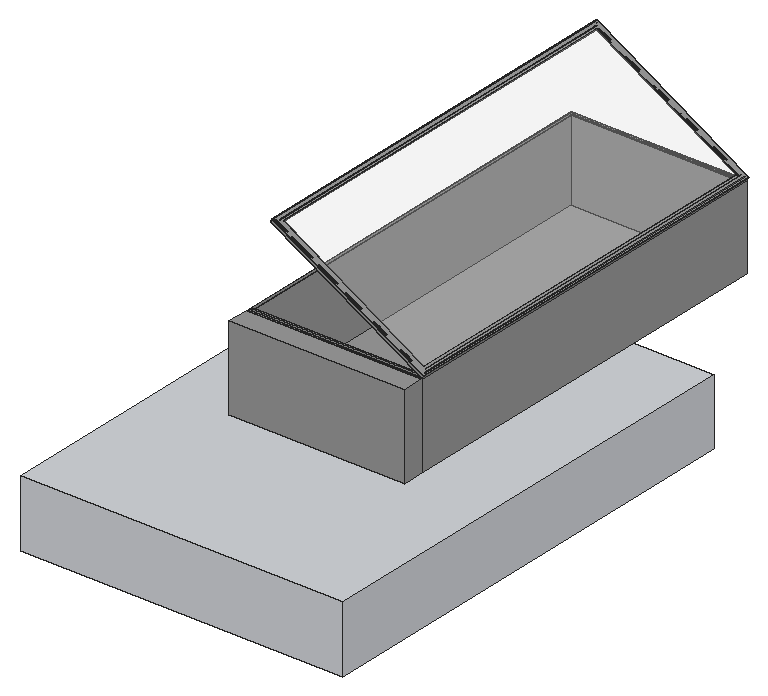
Revit family "Hager-Univers-IP55-D400-H1950-Cl.I-Steel_encl-NoHosted-CH-de", category Equipement électrique, Revit 2020
Family settings
  Hôte = Face
  Configuration du panneau = Deux colonnes, circuits au sein
  Cote de connecteur circulaire = Utiliser le diamètre
  Type d'élément = Tableau de raccordement
  Couper avec des vides une fois chargée = Non
  Partagée = Non
  Point de calcul de pièce = Non
Parameters (values of type "Bodenaufstellung IP55 B800 H1950 T400  - FR23V1")
  Width Control [instance] = if([EF000008 - Breite] > Min Width, [EF000008 - Breite], Min Width)  # 800 mm
  Commentaires du type = [HG000003 - Bereich]  # "Univers"
  Thickness Door [instance] = if([EF009171 - Materialstärke Tür/Deckel] > 3 mm, 3 mm, [EF009171 - Materialstärke Tür/Deckel])  # 1.5 mm
  Seal Frame Offset [instance] = 17 mm  # constant formula
  Plinth Visibility [instance] = [HG000027 - Sockelhöhe] > 0 mm  # yes
  Model = ""
  Min Width [instance] = 100 mm  # constant formula
  Min Height [instance] = 100 mm  # constant formula
  Min Depth [instance] = (2 * [EF009170 - Materialstärke Gehäuse]) + 1 mm  # 4 mm
  Internal Frame Depth [instance] = (Door System Depth * 0.5)  # 9 mm
  Height Control [instance] = if([EF000040 - Höhe] > Min Height, [EF000040 - Höhe], Min Height)  # 1950 mm
  HG000027 - Sockelhöhe = 100 mm
  HG000026 - Stehend auf dem Boden = yes
  HG000024 - Höhe des unteren Teils = 800 mm
  HG000023 - Gehäuse mit doppeltem Querschnitt = no
  HG000016 - 3D-Türsichtbarkeit [instance] = yes
  HG000015 - Sichtbarkeit der Türöffnung [instance] = no
  HG000014 - Tür rechts [instance] = yes
  HG000013 - Tür links [instance] = not([HG000014 - Tür rechts])  # no
  HG000012 - Türschwenkwinkel [instance] = 30.00°
  HG000010 - Asymmetrische Türen = no
  HG000009 - Doppelflügeligen Tür = no
  HG000006 - Unterputz = no
  HG000004 - Herstellerreferenz = "FR23V1"
  HG000003 - Bereich = "Univers"
  HG000002 - Mit tür = yes
  Frame Offset Bottom [instance] = 10 mm  # constant formula
  Frame Offset [instance] = 15 mm  # constant formula
  EF015940 - Deckel mit Überdruckentlastung = no
  EF011959 - Schutzart (NEMA) = ""
  EF009554 - Anzahl der Öffnungen für Flanschplatten = 6
  Fabricant = "Hager"  # constant formula
  EF009212 - Ausführung Deckel = "EV000116 - geschlossen"
  EF009171 - Materialstärke Tür/Deckel = 1.5 mm
  EF009170 - Materialstärke Gehäuse = 1.5 mm
  EF008873 - Nennstrom (In) = 800 A
  EF007800 - Geeignet für Blitzschutz = no
  EF006306 - Mit Schloss = no
  EF006244 - Transparenter Deckel/Tür = yes
  EF005474 - Schutzart (IP) = "EV006420 - IP55"
  EF004464 - Art der Tür = "EV002646 - Einzel"
  EF004427 - Anzahl der Module = 432
  EF004293 - Schlagfestigkeit = "EV008784 - IK10"
  EF003532 - Geeignet für Außengebrauch = no
  EF002950 - Breite in Teilungseinheiten = 24
  EF001613 - Funktionserhalt = "EV000494 - ohne"
  EF001596 - Werkstoff des Gehäuses = "EV000179 - Stahl"
  EF001131 - Innentiefe = 400 mm
  EF001088 - Anbaumöglichkeit = yes
  EF000437 - Anzahl der Leitungseinführungen = 6
  EF000339 - Art der Abdeckung = "EV004216 - Tür"
  EF000266 - Anzahl der Reihen = 12
  EF000218 - Einbautiefe = 0 mm
  EF000118 - Mit Montageplatte = no
  EF000116 - RAL-Nummer = "7035"
  EF000049 - Tiefe = 400 mm
  EF000040 - Höhe = 1950 mm
  EF000008 - Breite = 800 mm
  EF000007 - Farbe = "EV000270 - grau"
  EF000003 - Montageart = "EV012274 - Bodenaufstellung"
  Door System Leaf Tolerance [instance] = 1.5 mm  # constant formula
  Door System Depth [instance] = 18 mm  # constant formula
  Door Height [instance] = Height Control - [HG000027 - Sockelhöhe]  # 1850 mm
  Depth Control [instance] = if([EF000049 - Tiefe] > Min Depth, [EF000049 - Tiefe], Min Depth)  # 400 mm
  Default Elevation = 0 mm
  Connector Offset [instance] = Height Control / 2  # 975 mm
  Bottom Top Plate Trim [instance] = 1.5 mm  # constant formula
  Plinth height Ctrl [instance] = if([HG000027 - Sockelhöhe] > 0 mm, [HG000027 - Sockelhöhe], 12 mm)  # 100 mm
Types (11, lengths in mm): name | Width Control | HG000010 - Asymmetrische Türen | HG000009 - Doppelflügeligen Tür | HG000004 - Herstellerreferenz | EF009554 - Anzahl der Öffnungen für Flanschplatten | EF006244 - Transparenter Deckel/Tür | EF004464 - Art der Tür | EF004427 - Anzahl der Module | EF000437 - Anzahl der Leitungseinführungen | EF000008 - Breite
  Bodenaufstellung IP55 B1050 H1950 T400  - FR24G1 | 1050 | yes | yes | "FR24G1" | 8 | no | "EV003602 - Doppel" | 576 | 8 | 1050
  Bodenaufstellung IP55 B1050 H1950 T400  - FR24V1 | 1050 | yes | yes | "FR24V1" | 8 | yes | "EV003602 - Doppel" | 576 | 8 | 1050
  Bodenaufstellung IP55 B1300 H1950 T400  - FR25G1 | 1300 | yes | yes | "FR25G1" | 10 | no | "EV003602 - Doppel" | 720 | 10 | 1300
  Bodenaufstellung IP55 B1300 H1950 T400  - FR25V1 | 1300 | yes | yes | "FR25V1" | 10 | yes | "EV003602 - Doppel" | 720 | 10 | 1300
  Bodenaufstellung IP55 B1550 H1950 T400  - FR26G1 | 1550 | yes | yes | "FR26G1" | 12 | no | "EV003602 - Doppel" | 864 | 12 | 1550
  Bodenaufstellung IP55 B1550 H1950 T400  - FR26V1 | 1550 | yes | yes | "FR26V1" | 12 | yes | "EV003602 - Doppel" | 864 | 12 | 1550
  Bodenaufstellung IP55 B300 H1950 T400  - FR21G1 | 300 | no | no | "FR21G1" | 2 | no | "EV002646 - Einzel" | 144 | 2 | 300
  Bodenaufstellung IP55 B550 H1950 T400  - FR22G1 | 550 | no | no | "FR22G1" | 4 | no | "EV002646 - Einzel" | 288 | 4 | 550
  Bodenaufstellung IP55 B550 H1950 T400  - FR22V1 | 550 | no | no | "FR22V1" | 4 | yes | "EV002646 - Einzel" | 288 | 4 | 550
  Bodenaufstellung IP55 B800 H1950 T400  - FR23G1 | 800 | no | no | "FR23G1" | 6 | no | "EV002646 - Einzel" | 432 | 6 | 800
  Bodenaufstellung IP55 B800 H1950 T400  - FR23V1 | 800 | no | no | "FR23V1" | 6 | yes | "EV002646 - Einzel" | 432 | 6 | 800
Reference planes
  plane 1 "Center (Front/Back)": y = 0
  plane 2: z = 0
  plane 3 "Center (Left/Right)": x = 0
  plane 4: z = 400
  plane 5: y = 101.5
  plane 6: y = 1025
  plane 7: y = 100
  plane 8: y = 1950
  plane 9: z = 0
  plane 10: x = -385
  plane 11: x = 385
  plane 12: x = 383.5
  plane 13: x = -383.5
  plane 14: y = 1948.5
  plane 15: x = -383
  plane 16: x = -400
  plane 17: x = 383
  plane 18: x = 400
  plane 19: x = 398.5
  plane 20: x = -398.5
  plane 21: y = 111.5
  plane 22: y = 1950
  plane 23: y = 1933.5
  plane 24: z = 382
  plane 25: z = 1.5
  plane 26: z = 380.5
  plane 27: z = 398.5
Forms (mm)
  Extrusion 1, solid
    sketch origin (0, 0, 0) x (1, 0, 0) y (0, 1, 0)
      loop
        line (-702.964, 1305) -> (-702.964, -811.445) -> (766.763, -811.445) -> (766.763, 1305) -> (-702.964, 1305)
    from 0 to -304.8
  Extrusion 2, solid, material "Hager_Steel_RAL7035_Light_Grey", visible <- "Plinth Visibility", detail levels medium+fine
    sketch origin (0, 0, 0) x (1, 0, 0) y (0, 1, 0)
      loop
        line (-400, 0) -> (400, 0) -> (400, 100) -> (-400, 100) -> (-400, 0)
    from 0 to 382
  Extrusion 3, solid, material "Hager_Steel_RAL7035_Light_Grey", detail levels medium+fine
    sketch origin (0, 0, 0) x (1, 0, 0) y (0, 1, 0)
      loop
        line (-400, 100) -> (400, 100) -> (400, 1950) -> (-400, 1950) -> (-400, 100)
    from 0 to 382
  Extrusion 4, void
    sketch origin (0, 0, 0) x (1, 0, 0) y (0, 1, 0)
      loop
        line (-398.5, 101.5) -> (398.5, 101.5) -> (398.5, 1948.5) -> (-398.5, 1948.5) -> (-398.5, 101.5)
    from 1.5 to 380.5
  Extrusion 5, void
    sketch origin (-381.607, -4572, 382) x (0, -1, 0) y (-1, 0, 0)
      loop
        line (-4683.5, 1.893) -> (-6505.5, 1.893) -> (-6505.5, -765.107) -> (-4683.5, -765.107) -> (-4683.5, 1.893)
    from 0 to 1.5 <- "EF009170 - Materialstärke Gehäuse"
  Extrusion 6, solid, material "Hager_Steel_RAL7035_Light_Grey", detail levels fine
    sketch origin (0, 0, 382) x (1, 0, 0) y (0, 1, 0)
      loop
        line (-383.5, 1933.5) -> (-383.5, 111.5) -> (383.5, 111.5) -> (383.5, 1933.5) -> (-383.5, 1933.5)
      loop
        line (-385, 110) -> (385, 110) -> (385, 1935) -> (-385, 1935) -> (-385, 110)
    from 0 to 9 <- "Internal Frame Depth"
  Extrusion 7, solid, material "Hager_Steel_RAL7035_Light_Grey", detail levels coarse
    sketch origin (0, 0, 0) x (1, 0, 0) y (0, 1, 0)
      loop
        line (-400, 0) -> (400, 0) -> (400, 1950) -> (-400, 1950) -> (-400, 0)
    from 0 to 400
  Sweep 8, void
    path in 3D
      loop
        line (-400, 100, 0) -> (400, 100, 0) -> (400, 100, 382) -> (-400, 100, 382) -> (-400, 100, 0)
    profile origin (-400, 100, 191) x (-1, 0, 0) y (0, -1, 0)
      loop
        line (0, 0) -> (0, 1.5) -> (-1.5, 1.5)
        arc (-1.5, 1.5) -> (-1.061, 0.439) -> (0, 0) r 1.5
Cuts and joins
  Extrusion 4, Extrusion 5 cuts Extrusion 3
  Sweep 8 cuts Extrusion 2
Lines and regions (mm)
  Masking region 1
    outline origin (0, 0, 0) x (1, 0, 0) y (0, 0, 1)
      loop
        line (-400, 400) -> (-400, 0) -> (400, 0) -> (400, 400) -> (-400, 400)
  Masking region 2, detail levels medium+fine
    outline origin (0, 140, 0) x (0, 1, 0) y (0, 0, 1)
      loop
        line (-40, 0) -> (1810, 0) -> (1810, 382) -> (-40, 382) -> (-40, 0)
  Masking region 3, not visible, detail levels medium+fine
    outline origin (0, 297.922, 0) x (0, 1, 0) y (0, 0, 1)
      loop
        line (738.578, 0) -> (778.578, 0) -> (778.578, 388.5)
        arc (778.578, 388.5) -> (775.649, 395.571) -> (768.578, 398.5) r 10
        line (768.578, 398.5) -> (738.578, 398.5) -> (738.578, 0)
  Masking region 4, detail levels coarse
    outline origin (0, 0, 180) x (0, 1, 0) y (0, 0, 1)
      loop
        line (0, -180) -> (1950, -180) -> (1950, 220) -> (0, 220) -> (0, -180)
  Masking region 5, visible <- "Plinth Visibility", detail levels medium+fine
    outline origin (0, 52.24, 12.345) x (0, 0, -1) y (0, 1, 0)
      loop
        line (10.845, 47.76) -> (-368.155, 47.76)
        arc (-368.155, 47.76) -> (-368.594, 46.699) -> (-369.655, 46.26) r 1.5
        line (-369.655, 46.26) -> (-369.655, -52.24) -> (12.345, -52.24) -> (12.345, 46.26)
        arc (12.345, 46.26) -> (11.285, 46.699) -> (10.845, 47.76) r 1.5
  Masking region 6, detail levels medium+fine
    outline origin (-381.607, -4572, 382) x (-1, 0, 0) y (0, -1, 0)
      loop
        line (18.393, -6522) -> (18.393, -4672) -> (-781.607, -4672) -> (-781.607, -6522) -> (18.393, -6522)
  Masking region 7, visible <- "Plinth Visibility", detail levels medium+fine
    outline origin (-381.607, -4727, 382) x (-1, 0, 0) y (0, -1, 0)
      loop
        arc (16.893, -4827) -> (17.332, -4825.939) -> (18.393, -4825.5) r 1.5
        line (18.393, -4825.5) -> (18.393, -4727) -> (-781.607, -4727) -> (-781.607, -4825.5)
        arc (-781.607, -4825.5) -> (-780.546, -4825.939) -> (-780.107, -4827) r 1.5
        line (-780.107, -4827) -> (16.893, -4827)
  Masking region 8, detail levels coarse
    outline origin (-442.548, -4669.526, 382) x (-1, 0, 0) y (0, -1, 0)
      loop
        line (-42.548, -6619.526) -> (-42.548, -4669.526) -> (-842.548, -4669.526) -> (-842.548, -6619.526) -> (-42.548, -6619.526)
  sketch lines
    curve 1: line (-400, 100, 382) -> (-400, 100, 0)
    curve 2: line (400, 100, 382) -> (-400, 100, 382)
    curve 3: line (400, 100, 382) -> (400, 100, 0)
    curve 4: line (-400, 100, 0) -> (400, 100, 0)
Dimensions and locks
  "Depth Control": plane 4 to Extrusion 1
  "HG000027 - Sockelhöhe": plane 1 "Center (Front/Back)" to plane 7
  "EF009170 - Materialstärke Gehäuse": plane 5 to plane 7
  locked: connector elem to plane 3 "Center (Left/Right)"
  equal spacing: plane 8, plane 6, plane 7
  locked: connector elem to plane 6
  "EF009170 - Materialstärke Gehäuse": plane 8 to plane 14
  "EF009170 - Materialstärke Gehäuse": plane 10 to plane 13
  "EF009170 - Materialstärke Gehäuse": plane 12 to plane 11
  "Frame Offset": plane 20 to plane 13
  "Frame Offset": plane 12 to plane 19
  "EF009170 - Materialstärke Gehäuse": plane 16 to plane 20
  "EF009170 - Materialstärke Gehäuse": plane 19 to plane 18
  "Seal Frame Offset": plane 16 to plane 15
  "Seal Frame Offset": plane 17 to plane 18
  "Frame Offset Bottom": plane 21 to plane 5
  "Frame Offset": plane 14 to plane 23
  equal spacing: plane 16, plane 3 "Center (Left/Right)", plane 18
  "Width Control": plane 16 to plane 18
  "EF009170 - Materialstärke Gehäuse": plane 4 to plane 27
  "EF009170 - Materialstärke Gehäuse": plane 24 to plane 26
  "EF009170 - Materialstärke Gehäuse": plane 25 to level
  "Door System Depth": plane 4 to plane 24
  "Height Control": plane 1 "Center (Front/Back)" to Extrusion 7 sketch curve
  "Height Control": Masking region 4 sketch curve to plane 1 "Center (Front/Back)"
  "Height Control": plane 1 "Center (Front/Back)" to plane 22
  "Bottom Top Plate Trim": profile plane to Sweep 8 sketch curve
  "Bottom Top Plate Trim": Sweep 8 sketch curve to profile plane
  "Plinth height Ctrl": plane 1 "Center (Front/Back)" to Extrusion 2 sketch curve
  "Plinth height Ctrl": Masking region 5 sketch curve to plane 1 "Center (Front/Back)"
  "Plinth height Ctrl": plane 1 "Center (Front/Back)" to Masking region 7 sketch curve
  "Thickness Door": Extrusion 6 sketch curve to Extrusion 6 sketch curve  (x3)
  "Thickness Door": cut or joined group of Extrusion 3, Extrusion 4, Extrusion 5 to Extrusion 6 sketch curve
  radius of Masking region 3 sketch curve = 10 mm
  "Bottom Top Plate Trim": radius of Masking region 5 sketch curve  (x2)
  "Bottom Top Plate Trim": radius of Sweep 8 sketch curve
  "Bottom Top Plate Trim": radius of Masking region 7 sketch curve  (x2)
  aligned and locked: plane 2 to Extrusion 1
  aligned and locked: level to Extrusion 1
  aligned and locked: level to Masking region 1 sketch curve
  aligned and locked: Masking region 1 sketch curve to plane 18
  aligned and locked: Masking region 1 sketch curve to plane 16
  aligned and locked: plane 7 to Masking region 2 sketch curve
  aligned and locked: level to Masking region 3 sketch curve
  aligned and locked: Masking region 3 sketch curve to plane 27
  aligned and locked: level to Masking region 2 sketch curve
  aligned and locked: plane 1 "Center (Front/Back)" to Extrusion 2 sketch curve
  aligned and locked: Extrusion 3 sketch curve to plane 7
  aligned and locked: plane 16 to Extrusion 3 sketch curve
  aligned and locked: plane 18 to Extrusion 3 sketch curve
  aligned and locked: plane 20 to Extrusion 4 sketch curve
  aligned and locked: plane 19 to Extrusion 4 sketch curve
  aligned and locked: Extrusion 4 sketch curve to plane 5
  aligned and locked: Extrusion 4 to plane 25
  aligned and locked: plane 26 to Extrusion 4
  aligned and locked: plane 24 to Extrusion 3
  aligned and locked: Extrusion 5 sketch curve to plane 21
  aligned and locked: Extrusion 5 sketch curve to plane 13
  aligned and locked: Extrusion 5 sketch curve to plane 12
  aligned and locked: plane 18 to Extrusion 7 sketch curve
  aligned and locked: plane 1 "Center (Front/Back)" to Extrusion 7 sketch curve
  aligned and locked: plane 16 to Extrusion 7 sketch curve
  aligned and locked: plane 4 to Extrusion 7
  aligned and locked: Extrusion 7 to level
  aligned and locked: level to Masking region 4 sketch curve
  aligned and locked: Masking region 4 sketch curve to plane 1 "Center (Front/Back)"
  aligned and locked: Masking region 4 sketch curve to plane 4
  aligned and locked: nested 1 to level
  aligned and locked: nested 1 to plane 16
  aligned and locked: plane 8 to Extrusion 3 sketch curve
  aligned and locked: plane 23 to Extrusion 5 sketch curve
  aligned and locked: plane 14 to Extrusion 4 sketch curve
  aligned and locked: Masking region 2 sketch curve to plane 8
  aligned and locked: level to Masking region 5 sketch curve
  aligned and locked: plane 16 to Extrusion 2 sketch curve
  aligned and locked: plane 18 to Extrusion 2 sketch curve
  aligned and locked: Masking region 5 sketch curve to plane 24
  aligned and locked: Masking region 2 sketch curve to plane 24
  aligned and locked: plane 24 to Extrusion 2
  aligned and locked: profile plane to Sweep 8 sketch curve  (x2)
  aligned and locked: Masking region 6 sketch curve to plane 18
  aligned and locked: Masking region 6 sketch curve to plane 22
  aligned and locked: Masking region 6 sketch curve to plane 16
  aligned and locked: plane 8 to plane 22
  aligned and locked: Masking region 6 sketch curve to plane 7
  aligned and locked: Masking region 7 sketch curve to plane 16
  aligned and locked: Masking region 7 sketch curve to plane 1 "Center (Front/Back)"
  aligned and locked: Masking region 7 sketch curve to plane 18
  aligned and locked: Masking region 8 sketch curve to plane 1 "Center (Front/Back)"
  aligned and locked: Masking region 8 sketch curve to plane 18
  aligned and locked: Masking region 8 sketch curve to plane 22
  aligned and locked: Masking region 8 sketch curve to plane 16
  aligned and locked: nested 2 to plane 7
  aligned and locked: plane 3 "Center (Left/Right)" to nested 2
  aligned and locked: nested 2 to plane 24
  aligned and locked: Extrusion 6 sketch curve to cut or joined group of Extrusion 3, Extrusion 4, Extrusion 5  (x4)
Automatic sketch dimensions
  Extrusion 1 sketch curve to Extrusion 1 sketch curve = 1469.727 mm
  Extrusion 1 sketch curve to Extrusion 1 sketch curve = 2116.445 mm
  Masking region 1 sketch curve to plane 4 = 0 mm
  plane 6 to Masking region 3 sketch curve = 11.5 mm
  Masking region 3 sketch curve to Masking region 3 sketch curve = 30 mm
  Masking region 5 sketch curve to plane 1 "Center (Front/Back)" = 0 mm
Nested families
  nested 1: "Hager_Enclosure_Symbol" at (-400, 0, 0) x (1, 0, 0) z (0, -1, 0), Height <- "Depth Control", Width <- "Width Control", type "Hager_Enclosure_Symbol"
    with Width_Ctrl 800 mm, Width 800 mm, Height_Ctrl 400 mm, Height 400 mm, A_Width_Int 26.25 mm, A_Width 315 mm, A_Height_Ctrl 350 mm, A_Height 350 mm
  nested 2: "EC000058_Univers_Door" at (0, 100, 382) x (1, 0, 0) z (0, 1, 0), Leaf_Tolerance <- "Door System Leaf Tolerance", Angle <- "HG000012 - Türschwenkwinkel", Door_Depth <- "Door System Depth", Door_Left <- "HG000013 - Tür links", Transparent <- "EF006244 - Transparenter Deckel/Tür", Assymetrical <- "HG000010 - Asymmetrische Türen", Width <- "Width Control", Clearance <- "HG000015 - Sichtbarkeit der Türöffnung", Double <- "HG000009 - Doppelflügeligen Tür", 3d_Door <- "HG000016 - 3D-Türsichtbarkeit", Lock_Visibility <- "EF006306 - Mit Schloss", Width_Ctrl <- "Width Control", Door_Right <- "HG000014 - Tür rechts", Door <- "HG000002 - Mit tür", Height <- "Door Height", Thickness <- "Thickness Door", type "EC000058_Univers_Door", detail levels medium+fine
    with min_wh 4 mm, Width_Ctrl 800 mm, Width 800 mm, Transparent yes, Thickness 1.5 mm, Seal_Material Hager_Rubber, Lock_Visibility no, Lock_Material Hager_Plastic_RAL9005_Jet_Black, Leaf_Width 800 mm, Leaf_Tolerance_External_Sides 0 mm, Leaf_Tolerance 1.5 mm, Leaf_Offset 0 mm, Leaf_Height 1847 mm, Leaf_2_Width 800 mm, Leaf_2_Offset 400 mm, Leaf_1_Width 800 mm, Leaf_1_Offset 400 mm, Height_Ctrl 1850 mm, Height 1850 mm, Glass_Material Hager_Glass, Double_Clearance_Ctrl no, Double no, Door_Right_Ctrl yes, Door_Right yes, Door_Material Hager_Steel_RAL7035_Light_Grey, Door_Left_Ctrl no, Door_Left no, Door_Depth 18 mm, Door yes, Clearance_Material Hager_Clearance, Clearance_Depth 800 mm, Clearance_Ctrl no, Clearance no, Assymetrical no, Angle 30.00°, 3d_Door yes
Connectors
  electrical at (0, 1025, 0)
    settings: on plane 9, index 1, voltage 0 V, apparent load 0 VA, apparent load phase1 0 VA, apparent load phase2 0 VA, apparent load phase3 0 VA, power factor 1, load classification "Other", number of poles 1, system type 30, power factor state 1, is connector primary yes, connector utility no, sub classification motor no, connector description ""
Definition of nested family "EC000058_Univers_Door"
  Parameters (values of type "EC000058_Univers_Door")
    min_wh [instance] = (2 * Thickness) + 1 mm  # 11 mm
    Width_Ctrl [instance] = 400 mm
    Width [instance] = 500 mm
    Transparent [instance] = yes
    Thickness [instance] = 5 mm
    Seal_Material [instance] = none
    Lock_Visibility [instance] = yes
    Lock_Material [instance] = none
    Leaf_Width [instance] = if((Width_Ctrl - 2 * Leaf_Tolerance_External_Sides) > 0 mm, (Width_Ctrl - 2 * Leaf_Tolerance_External_Sides), min_wh)  # 400 mm
    Leaf_Tolerance_External_Sides [instance] = 0 mm  # constant formula
    Leaf_Tolerance [instance] = 1.5 mm
    Leaf_Offset [instance] = 0 mm  # constant formula
    Leaf_Height [instance] = if((Height_Ctrl - 2 * Leaf_Tolerance) > 0 mm, (Height_Ctrl - 2 * Leaf_Tolerance), min_wh)  # 497 mm
    Leaf_2_Width [instance] = if(and(and(Double, Assymetrical), Door_Left), (Leaf_Width / 3) - (Leaf_Tolerance / 2), if(and(and(Double, Assymetrical), Door_Right), (Leaf_Width / 3) * 2 - (Leaf_Tolerance / 2), if(and(Double, not(Assymetrical)), (Leaf_Width / 2) - Leaf_Tolerance, Leaf_Width)))  # 400 mm
    Leaf_2_Offset [instance] = if(and(Double, Assymetrical), Leaf_2_Width / 2, if(and(Double, not(Assymetrical)), Leaf_Width / 4, Leaf_Width / 2))  # 200 mm
    Leaf_1_Width [instance] = if(and(and(Double, Assymetrical), Door_Right), (Leaf_Width / 3) - (Leaf_Tolerance / 2), if(and(and(Double, Assymetrical), Door_Left), (Width / 3) * 2 - (Leaf_Tolerance / 2), if(and(Double, not(Assymetrical)), (Leaf_Width / 2) - Leaf_Tolerance, Leaf_Width)))  # 400 mm
    Leaf_1_Offset [instance] = if(and(Double, Assymetrical), Leaf_1_Width / 2, if(and(Double, not(Assymetrical)), Leaf_Width / 4, Leaf_Width / 2))  # 200 mm
    Height_Ctrl [instance] = if(Height > min_wh, Height, min_wh)  # 500 mm
    Height [instance] = 500 mm
    Glass_Material [instance] = none
    Double_Clearance_Ctrl [instance] = and(Double, Clearance)  # no
    Double [instance] = no
    Door_Right_Ctrl [instance] = and(or(Door_Right, Double), Door)  # yes
    Door_Right [instance] = yes
    Door_Material [instance] = none
    Door_Left_Ctrl [instance] = and(or(Door_Left, Double), Door)  # no
    Door_Left [instance] = no
    Door_Depth [instance] = 30 mm
    Door [instance] = yes
    Default Elevation = 1219.2 mm
    Clearance_Material [instance] = none
    Clearance_Depth [instance] = if(Leaf_1_Width > Leaf_2_Width, Leaf_1_Width, Leaf_2_Width)  # 400 mm
    Clearance_Ctrl [instance] = and(not(Double), Clearance)  # yes
    Clearance [instance] = yes
    Assymetrical [instance] = yes
    Angle [instance] = 30.00°
    3d_Door [instance] = yes
  Reference planes
    plane 1 "Center (Front/Back)": y = 0
    plane 2 "Bottom": z = 0
    plane 3 "Center (Left/Right)": x = 0
    plane 4: z = 500
    plane 5: x = -200
    plane 6: x = 200
    plane 7: z = 500
    plane 8: x = -200
    plane 9: z = 0
    plane 10: x = 200
    plane 11: y = 0
    plane 12: z = 1.5
    plane 13: x = -600
    plane 14: y = -400
    plane 15: x = 600
    plane 16: x = 0
    plane 17: x = 0
    plane 18: x = -200
    plane 19: x = 200
    plane 20: z = 498.5
  Forms (mm)
    Extrusion 1, solid, material <- "Clearance_Material", visible <- "Double_Clearance_Ctrl"
      sketch origin (1200, 0, 0) x (1, 0, 0) y (0, 0, -1)
        loop
          line (-1800, -498.5) -> (-600, -498.5) -> (-600, 0) -> (-1800, 0) -> (-1800, -498.5)
      from 0 to -400
  Dimensions and locks
    equal spacing: plane 5, plane 3 "Center (Left/Right)", plane 6
    "Width_Ctrl": plane 5 to plane 6
    "Leaf_Offset": plane 5 to plane 8
    "Leaf_Offset": plane 6 to plane 10
    "Leaf_Offset": plane 9 to level
    "Leaf_Offset": plane 4 to plane 7
    "Height_Ctrl": plane 4 to level
    "Leaf_Tolerance": plane 12 to plane 9
    locked: plane 11 to plane 1 "Center (Front/Back)"
    "Leaf_1_Offset": plane 18 to plane 16
    "Leaf_2_Offset": plane 17 to plane 19
    "Leaf_1_Width": plane 13 to plane 8
    "Leaf_2_Width": plane 10 to plane 15
    "Clearance_Depth": plane 14 to plane 1 "Center (Front/Back)"
    "Leaf_Tolerance_External_Sides": plane 8 to plane 18
    "Leaf_Tolerance_External_Sides": plane 19 to plane 10
    "Leaf_Tolerance": plane 7 to plane 20
    aligned and locked: level to plane 2 "Bottom"
    aligned and locked: nested 1 to plane 16
    aligned and locked: nested 2 to plane 17
    aligned and locked: Extrusion 1 to plane 13
    aligned and locked: plane 15 to Extrusion 1
    aligned and locked: Extrusion 1 to plane 14
    aligned and locked: plane 12 to nested 1
    aligned and locked: nested 2 to plane 12
    aligned and locked: Extrusion 1 to plane 11
    aligned and locked: plane 20 to Extrusion 1
    aligned and locked: nested 2 to plane 11
    aligned and locked: nested 1 to plane 11
  Automatic sketch dimensions
    Extrusion 1 sketch curve to level = 0 mm
    plane 5 to Extrusion 1 sketch curve = 400 mm
    plane 6 to Extrusion 1 sketch curve = 400 mm
    Extrusion 1 sketch curve to plane 4 = 1.5 mm
  Nested families
    nested 1: "EC000058_Univers_Door_Leaf" at (0, 0, 1.5), Width <- "Leaf_1_Width", visible <- "Door_Left_Ctrl", Leaf_Height <- "Leaf_Height", Angle <- "Angle", 3d_Door <- "3d_Door", Transparent <- "Transparent", Clearance Material <- "Clearance_Material", Clearance <- "Clearance_Ctrl", Door_Material <- "Door_Material", Glass_Material <- "Glass_Material", Door_Depth <- "Door_Depth", Lock_Material <- "Lock_Material", Seal_Material <- "Seal_Material", Lock_Visibility <- "Lock_Visibility", Thickness <- "Thickness", type "EC000058_Univers_Door_Leaf"
      with Width 400 mm, Transparent_Glass_Offset 30 mm, Transparent_Ctrl yes, Transparent yes, Thickness 5 mm, Standard no, Seal_Material none, Seal_D2 8 mm, Seal_D1 1 mm, Offset_Internal_Frame 10 mm, Lock_Width 20 mm, Lock_Visibility_3d yes, Lock_Visibility yes, Lock_Thickness_3 3 mm, Lock_Thickness_2 1 mm, Lock_Thickness_1 3 mm, Lock_Radius_Offset_2 16 mm, Lock_Radius_Offset_1 15 mm, Lock_Radius_2 5 mm, Lock_Radius 6 mm, Lock_Offset 5 mm, Lock_Material none, Lock_Height 80 mm, Lock_Cover_Top_Offset_2d 17 mm, Lock_Cover_Height -65 mm, Leaf_Height 497 mm, Internal_Seal_Thickness 8 mm, Internal_Seal_Depth_2 4.5 mm, Internal_Frame_Depth 25 mm, Glass_Thickness -1 mm, Glass_Offset -2 mm, Glass_Material none, Door_Material none, Door_Depth 30 mm, Clearance Material none, Clearance yes, Angle_Ctrl 30.00°, Angle 30.00°, 3d_Door yes
    nested 2: "EC000058_Univers_Door_Leaf" at (0, 0, 1.5) x (-1, 0, 0) z (0, 0, 1), Width <- "Leaf_2_Width", visible <- "Door_Right_Ctrl", Leaf_Height <- "Leaf_Height", Angle <- "Angle", 3d_Door <- "3d_Door", Transparent <- "Transparent", Clearance Material <- "Clearance_Material", Clearance <- "Clearance_Ctrl", Door_Material <- "Door_Material", Glass_Material <- "Glass_Material", Door_Depth <- "Door_Depth", Lock_Material <- "Lock_Material", Seal_Material <- "Seal_Material", Lock_Visibility <- "Lock_Visibility", Thickness <- "Thickness", type "EC000058_Univers_Door_Leaf"
      with Width 400 mm, Transparent_Glass_Offset 30 mm, Transparent_Ctrl yes, Transparent yes, Thickness 5 mm, Standard no, Seal_Material none, Seal_D2 8 mm, Seal_D1 1 mm, Offset_Internal_Frame 10 mm, Lock_Width 20 mm, Lock_Visibility_3d yes, Lock_Visibility yes, Lock_Thickness_3 3 mm, Lock_Thickness_2 1 mm, Lock_Thickness_1 3 mm, Lock_Radius_Offset_2 16 mm, Lock_Radius_Offset_1 15 mm, Lock_Radius_2 5 mm, Lock_Radius 6 mm, Lock_Offset 5 mm, Lock_Material none, Lock_Height 80 mm, Lock_Cover_Top_Offset_2d 17 mm, Lock_Cover_Height -65 mm, Leaf_Height 497 mm, Internal_Seal_Thickness 8 mm, Internal_Seal_Depth_2 4.5 mm, Internal_Frame_Depth 25 mm, Glass_Thickness -1 mm, Glass_Offset -2 mm, Glass_Material none, Door_Material none, Door_Depth 30 mm, Clearance Material none, Clearance yes, Angle_Ctrl 30.00°, Angle 30.00°, 3d_Door yes
  Definition of nested family "EC000058_Univers_Door_Leaf"
    Parameters (values of type "EC000058_Univers_Door_Leaf")
      Width [instance] = 2000 mm
      Transparent_Glass_Offset [instance] = 30 mm
      Transparent_Ctrl [instance] = and(Transparent, [3d_Door])  # yes
      Transparent [instance] = yes
      Thickness [instance] = 5 mm
      Standard [instance] = and(not(Transparent), [3d_Door])  # no
      Seal_Material [instance] = none
      Seal_D2 [instance] = 8 mm  # constant formula
      Seal_D1 [instance] = 1 mm  # constant formula
      Offset_Internal_Frame [instance] = 10 mm  # constant formula
      Lock_Width [instance] = 20 mm  # constant formula
      Lock_Visibility_3d [instance] = and(Lock_Visibility, [3d_Door])  # yes
      Lock_Visibility [instance] = yes
      Lock_Thickness_3 [instance] = 3 mm  # constant formula
      Lock_Thickness_2 [instance] = 1 mm  # constant formula
      Lock_Thickness_1 [instance] = 3 mm  # constant formula
      Lock_Radius_Offset_2 [instance] = Lock_Radius_Offset_1 + 1 mm  # 16 mm
      Lock_Radius_Offset_1 [instance] = 15 mm  # constant formula
      Lock_Radius_2 [instance] = Lock_Radius - 1 mm  # 5 mm
      Lock_Radius [instance] = 6 mm  # constant formula
      Lock_Offset [instance] = 5 mm  # constant formula
      Lock_Material [instance] = none
      Lock_Height [instance] = 80 mm  # constant formula
      Lock_Cover_Top_Offset_2d [instance] = Lock_Radius_Offset_2 + 1 mm  # 17 mm
      Lock_Cover_Height [instance] = -(Lock_Height - Lock_Radius_Offset_1)  # -65 mm
      Leaf_Height [instance] = 2720.336 mm
      Internal_Seal_Thickness [instance] = 8 mm  # constant formula
      Internal_Seal_Depth_2 [instance] = 4.5 mm  # constant formula
      Internal_Frame_Depth [instance] = if(Door_Depth - Thickness > 5 mm, Door_Depth - Thickness, 5 mm)  # 25 mm
      Glass_Thickness [instance] = if(Thickness > 15 mm, Glass_Offset + 10 mm, -1 mm)  # -1 mm
      Glass_Offset [instance] = if(Thickness > 15 mm, -(Thickness + 10 mm) / 2, -2 mm)  # -2 mm
      Glass_Material [instance] = none
      Door_Material [instance] = none
      Door_Depth [instance] = 30 mm
      Default Elevation = 0 mm
      Clearance Material [instance] = none
      Clearance [instance] = yes
      Angle_Ctrl [instance] = if(Angle > 180.00°, 180.00°, Angle)  # 90.00°
      Angle [instance] = 90.00°
      3d_Door [instance] = yes
    Reference planes
      plane 1 "Center (Front/Back)": y = 0
      plane 2: z = 0
      plane 3 "Center (Left/Right)": x = 0
      plane 4: y = 2000
      plane 5: x = -1000
      plane 6: x = 1000
      plane 7: x = -3000
      plane 8: z = 2720.336
      plane 9: z = 30
      plane 10: z = 2690.336
      plane 11: x = 970
      plane 12: x = -970
      plane 13: y = -3
      plane 14: z = 107.833
      plane 15: y = -5
      plane 16: y = -223.314
      plane 17: x = -1000
      plane 18: z = 1360.168
      plane 19: y = 30
    Forms (mm)
      Extrusion 1, solid, material <- "Clearance Material", visible <- "Clearance"
        sketch origin (0, 0, 0) x (1, 0, 0) y (0, 0, 1)
          loop
            line (-3000, 2720.336) -> (-3000, 0) -> (1000, 0) -> (1000, 2720.336) -> (-3000, 2720.336)
        from 0 to -2000
      Extrusion 2, solid, material <- "Door_Material", visible <- "Standard", detail levels medium+fine
        sketch origin (-1000, 0, 0) x (0, 1, 0) y (-1, 0, 0)
          loop
            line (0, 30) -> (0, 25) -> (2000, 25) -> (2000, 30) -> (0, 30)
        from 0 to 2720.336 <- "Leaf_Height"
      Extrusion 3, solid, material <- "Door_Material", visible <- "Transparent_Ctrl", detail levels medium+fine
        sketch origin (-1000, 0, 0) x (0, 1, 0) y (-1, 0, 0)
          loop
            line (0, 25) -> (2000, 25) -> (2000, 30) -> (0, 30) -> (0, 25)
        from 0 to 2720.336 <- "Leaf_Height"
      Extrusion 4, void
        sketch origin (-1025, 2000, 0) x (0, 1, 0) y (0, 0, -1)
          loop
            line (-30, -2690.336) -> (-30, -30) -> (-1970, -30) -> (-1970, -2690.336) -> (-30, -2690.336)
        from 0 to 5 <- "Thickness"
      Sweep 5, solid, material <- "Seal_Material", visible <- "Transparent_Ctrl", detail levels fine
        path in 3D
          loop
            line (-1025, 30, 30) -> (-1025, 30, 2690.336) -> (-1025, 1970, 2690.336) -> (-1025, 1970, 30) -> (-1025, 30, 30)
        profile origin (-1025, 1000, 30) x (1, 0, 0) y (0, 0, 1)
          loop
            line (0, 0) -> (0, -8) -> (1, -8) -> (1, 0) -> (0, 0)
      Extrusion 6, solid, material <- "Glass_Material", visible <- "Transparent_Ctrl", detail levels medium+fine
        sketch origin (-1030, 0, 0) x (0, 1, 0) y (0, 0, -1)
          loop
            line (1970, -2690.336) -> (1970, -30) -> (30, -30) -> (30, -2690.336) -> (1970, -2690.336)
        from -2 <- "Glass_Offset" to -1 <- "Glass_Thickness"
      Extrusion 7, solid, material <- "Door_Material", visible <- "3d_Door", detail levels medium+fine
        sketch origin (-1025, 2000, 0) x (0, -1, 0) y (0, 0, -1)
          loop
            line (0, -2720.336) -> (2000, -2720.336) -> (2000, 0) -> (0, 0) -> (0, -2720.336)
          loop
            line (1995, -5) -> (5, -5) -> (5, -2715.336) -> (1995, -2715.336) -> (1995, -5)
        from 0 to 25 <- "Internal_Frame_Depth"
      Sweep 8, solid, material <- "Seal_Material", visible <- "Transparent_Ctrl", detail levels fine
        path in 3D
          loop
            line (-1025, 0, 0) -> (-1025, 2000, 0) -> (-1025, 2000, 2720.336) -> (-1025, 0, 2720.336) -> (-1025, 0, 0)
        profile origin (-1025, 0, 1360.168) x (1, 0, 0) y (0, 1, 0)
          loop
            line (0, 10) -> (2.975, 10)
            arc (2.975, 10) -> (4.053, 10.447) -> (4.5, 11.525) r 1.525
            line (4.5, 11.525) -> (4.5, 16.527)
            arc (4.5, 16.527) -> (4.069, 17.569) -> (3.027, 18) r 1.473
            line (3.027, 18) -> (0, 18) -> (0, 10)
      Extrusion 9, solid, material <- "Lock_Material", visible <- "Lock_Visibility_3d", detail levels fine
        sketch origin (-1030, 0, 0) x (0, 1, 0) y (0, 0, -1)
          loop
            arc (1993.5, -1400.168) -> (1994.561, -1399.729) -> (1995, -1398.668) r 1.5
            line (1995, -1398.668) -> (1995, -1320.168) -> (1975, -1320.168) -> (1975, -1398.668)
            arc (1975, -1398.668) -> (1975.439, -1399.729) -> (1976.5, -1400.168) r 1.5
            line (1976.5, -1400.168) -> (1993.5, -1400.168)
        from 3 <- "Lock_Thickness_1" to 0
      Blend 10, solid, material <- "Lock_Material", visible <- "Lock_Visibility_3d", detail levels fine
        base sketch origin (-1033, 0, 0) x (0, 1, 0) y (0, 0, -1)
          loop
            line (1975, -1320.168) -> (1975, -1398.668)
            arc (1975, -1398.668) -> (1975.439, -1399.729) -> (1976.5, -1400.168) r 1.5
            line (1976.5, -1400.168) -> (1993.5, -1400.168)
            arc (1993.5, -1400.168) -> (1994.561, -1399.729) -> (1995, -1398.668) r 1.5
            line (1995, -1398.668) -> (1995, -1320.168) -> (1975, -1320.168)
        top sketch origin (-1033, 0, 0) x (0, 1, 0) y (0, 0, -1)
          loop
            line (1976, -1320.168) -> (1976, -1398.668)
            arc (1976, -1398.668) -> (1976.146, -1399.022) -> (1976.5, -1399.168) r 0.5
            line (1976.5, -1399.168) -> (1993.5, -1399.168)
            arc (1993.5, -1399.168) -> (1993.854, -1399.022) -> (1994, -1398.668) r 0.5
            line (1994, -1398.668) -> (1994, -1320.168) -> (1976, -1320.168)
        from 0 to 1 <- "Lock_Thickness_2"
      Blend 11, solid, material <- "Lock_Material", visible <- "Lock_Visibility_3d", detail levels fine
        base sketch origin (-1034, 0, 0) x (0, 1, 0) y (0, 0, -1)
          loop
            line (1978, -1320.168) -> (1978, -1384.168)
            arc (1978, -1384.168) -> (1985, -1391.168) -> (1992, -1384.168) r 7
            line (1992, -1384.168) -> (1992, -1320.168) -> (1978, -1320.168)
        top sketch origin (-1034, 0, 0) x (0, 1, 0) y (0, 0, -1)
          loop
            line (1991, -1320.168) -> (1979, -1320.168) -> (1979, -1383.168)
            arc (1979, -1383.168) -> (1985, -1389.168) -> (1991, -1383.168) r 6
            line (1991, -1383.168) -> (1991, -1320.168)
        from 0 to 3 <- "Lock_Thickness_3"
      Extrusion 12, solid, material <- "Lock_Material", visible <- "Lock_Visibility_3d", detail levels fine
        sketch origin (-1030, 1975, 1320.168) x (1, 0, 0) y (0, -1, 0)
          loop
            line (-7, -19) -> (-7, -1) -> (0, -1) -> (0, 0) -> (-8, 0) -> (-8, -20) -> (0, -20) -> (0, -19) -> (-7, -19)
        from 0 to -65 <- "Lock_Cover_Height"
      Extrusion 13, void
        sketch origin (-1038, 1995, 1320.168) x (-1, 0, 0) y (0, 0, -1)
          loop
            line (-5, -65) -> (0, -65) -> (-5, -60) -> (-5, -65)
        from 0 to 20 <- "Lock_Width"
      Extrusion 14, void
        sketch origin (-1038, 1975, 1320.168) x (0, -1, 0) y (0, 0, -1)
          loop
            circle (-10, -15.995) r 6
          loop
            circle (-10, -15.995) r 5
        from 0 to 2
      Extrusion 15, solid, material <- "Lock_Material", visible <- "Lock_Visibility_3d", detail levels medium
        sketch origin (-1030, 0, 0) x (0, 1, 0) y (0, 0, -1)
          loop
            arc (1993.5, -1400.168) -> (1994.561, -1399.729) -> (1995, -1398.668) r 1.5
            line (1995, -1398.668) -> (1995, -1320.168) -> (1975, -1320.168) -> (1975, -1398.668)
            arc (1975, -1398.668) -> (1975.439, -1399.729) -> (1976.5, -1400.168) r 1.5
            line (1976.5, -1400.168) -> (1993.5, -1400.168)
        from 8 to 0
    Cuts and joins
      Extrusion 4 cuts Extrusion 3
      Extrusion 13, Extrusion 14 cuts Extrusion 9
      Extrusion 14 cuts Blend 11
      Extrusion 13, Extrusion 14 cuts Extrusion 12
      joined: Extrusion 9, Blend 10, Blend 11, Extrusion 12
      Extrusion 14 cuts Extrusion 15
    Lines and regions (mm)
      Masking region 1, visible <- "Lock_Visibility", detail levels fine
        outline origin (0, 0, 0) x (0, 1, 0) y (0, 0, 1)
          loop
            line (30, 1320.168) -> (33, 1320.168) -> (33, 1400.168) -> (30, 1400.168) -> (30, 1320.168)
      Masking region 2, visible <- "Lock_Visibility", detail levels fine
        outline origin (0, 3.143, 0) x (0, 1, 0) y (0, 0, 1)
          loop
            line (29.857, 1354.168) -> (30.857, 1354.168) -> (30.857, 1366.168) -> (29.857, 1366.168) -> (29.857, 1354.168)
      Masking region 3, detail levels medium+fine
        outline origin (0, 0, 0) x (0, 1, 0) y (0, 0, 1)
          loop
            line (0, 0) -> (30, 0) -> (30, 2720.336) -> (0, 2720.336) -> (0, 0)
      Masking region 4, detail levels medium+fine
        outline origin (0, 0, 0) x (1, 0, 0) y (0, 0, 1)
          loop
            line (-1000, 2720.336) -> (-1000, 0) -> (1000, 0) -> (1000, 2720.336) -> (-1000, 2720.336)
      Masking region 5, visible <- "Lock_Visibility", detail levels fine
        outline origin (-47.116, 0, 0) x (1, 0, 0) y (0, 0, 1)
          loop
            arc (1024.616, 1399.168) -> (1023.556, 1398.729) -> (1023.116, 1397.668) r 1.5
            line (1023.116, 1397.668) -> (1023.116, 1320.168) -> (1041.116, 1320.168) -> (1041.116, 1397.668)
            arc (1041.116, 1397.668) -> (1040.677, 1398.729) -> (1039.616, 1399.168) r 1.5
            line (1039.616, 1399.168) -> (1024.616, 1399.168)
      Masking region 6, visible <- "Lock_Visibility", detail levels medium+fine
        outline origin (-25, 0, 0) x (1, 0, 0) y (0, 0, 1)
          loop
            arc (1001.5, 1400.168) -> (1000.439, 1399.729) -> (1000, 1398.668) r 1.5
            line (1000, 1398.668) -> (1000, 1320.168) -> (1020, 1320.168) -> (1020, 1398.668)
            arc (1020, 1398.668) -> (1019.561, 1399.729) -> (1018.5, 1400.168) r 1.5
            line (1018.5, 1400.168) -> (1001.5, 1400.168)
      Masking region 7, visible <- "Lock_Visibility", detail levels fine
        outline origin (-73.735, 0, 0) x (1, 0, 0) y (0, 0, 1)
          loop
            line (1051.735, 1382.168) -> (1065.735, 1382.168) -> (1065.735, 1384.168)
            arc (1065.735, 1384.168) -> (1058.735, 1391.168) -> (1051.735, 1384.168) r 7
            line (1051.735, 1384.168) -> (1051.735, 1382.168)
      Masking region 8, visible <- "Lock_Visibility", detail levels fine
        outline origin (-73.735, 0, 0) x (1, 0, 0) y (0, 0, 1)
          loop
            line (1052.735, 1382.168) -> (1064.735, 1382.168) -> (1064.735, 1383.168)
            arc (1064.735, 1383.168) -> (1058.735, 1389.168) -> (1052.735, 1383.168) r 6
            line (1052.735, 1383.168) -> (1052.735, 1382.168)
      Masking region 9, visible <- "Lock_Visibility", detail levels fine
        outline origin (-25, 0, 0) x (1, 0, 0) y (0, 0, 1)
          loop
            line (1020, 1320.168) -> (1020, 1382.168) -> (1000, 1382.168) -> (1000, 1320.168) -> (1020, 1320.168)
      Masking region 10, detail levels medium+fine
        outline origin (0, 0, 0) x (1, 0, 0) y (0, 0, 1)
          loop
            circle (985, 1335.144) r 6
      Masking region 11, detail levels fine
        outline origin (0, 0, 0) x (1, 0, 0) y (0, 0, 1)
          loop
            circle (985, 1335.144) r 5
      Masking region 12, visible <- "Lock_Visibility", detail levels fine
        outline origin (0, 12.767, 0) x (0, 1, 0) y (0, 0, 1)
          loop
            line (20.233, 1320.168) -> (21.233, 1320.168) -> (21.233, 1399.168) -> (20.233, 1400.168) -> (20.233, 1320.168)
      Masking region 13, visible <- "Lock_Visibility", detail levels fine
        outline origin (0, 13.767, -10) x (0, 1, 0) y (0, 0, 1)
          loop
            line (20.233, 1330.168) -> (23.233, 1330.168) -> (23.233, 1399.168) -> (20.233, 1402.168) -> (20.233, 1330.168)
      Masking region 14, visible <- "Lock_Visibility", detail levels fine
        outline origin (0, 12.767, -10) x (0, 1, 0) y (0, 0, 1)
          loop
            line (20.233, 1330.168) -> (25.233, 1330.168) -> (25.233, 1399.305) -> (20.233, 1394.305) -> (20.233, 1330.168)
      Masking region 15, visible <- "Lock_Visibility", detail levels medium
        outline origin (0, 0, 0) x (0, 1, 0) y (0, 0, 1)
          loop
            line (30, 1320.168) -> (38, 1320.168) -> (38, 1400.168) -> (30, 1400.168) -> (30, 1320.168)
      Masking region 16, visible <- "Lock_Visibility", detail levels fine
        outline origin (-1000, 0, 0) x (0, 1, 0) y (-1, 0, 0)
          loop
            line (1975, 30) -> (1995, 30) -> (1995, 38) -> (1975, 38) -> (1975, 30)
          loop
            line (1979, 37) -> (1976, 37) -> (1976, 34) -> (1978, 34) -> (1979, 37)
          loop
            line (1994, 37) -> (1991, 37) -> (1992, 34) -> (1994, 34) -> (1994, 37)
      Masking region 17, visible <- "Lock_Visibility", detail levels medium
        outline origin (-1000, 0, 0) x (0, 1, 0) y (-1, 0, 0)
          loop
            line (1975, 30) -> (1995, 30) -> (1995, 38) -> (1975, 38) -> (1975, 30)
      symbolic lines
        curve 1: line (1000, 0, 0) -> (-3000, 0, 0)
        curve 2: arc (1000, 0, 0) -> (-1000, 2000, 0) -> (-3000, 0, 0) r 2000
        curve 4: line (-1030, 0, 0) -> (-1030, 2000, 0)
      reference lines
        curve 3: line (-1000, 0, 0) -> (-1000, 2000, 0)
      symbolic lines, detail levels medium+fine
        curve 5: line (-1030, 2000, 0) -> (-1025, 2000, 0)
        curve 7: line (-1025, 0, 0) -> (-1030, 0, 0)
        curve 8: line (-1025, 0, 0) -> (-1000, 0, 0)
        curve 9: line (-1000, 0, 0) -> (-1000, 2000, 0)
        curve 10: line (-1000, 2000, 0) -> (-1025, 2000, 0)
      symbolic lines, detail levels fine
        curve 6: line (-1025, 2000, 0) -> (-1025, 0, 0)
      sketch lines
        curve 11: line (-1025, 0, 2720.336) -> (-1025, 0, 0)
        curve 12: line (-1025, 2000, 0) -> (-1025, 0, 0)
        curve 13: line (-1025, 2000, 2720.336) -> (-1025, 2000, 0)
        curve 14: line (-1025, 0, 2720.336) -> (-1025, 2000, 2720.336)
        curve 15: line (-1025, 1970, 30) -> (-1025, 30, 30)
        curve 16: line (-1025, 30, 30) -> (-1025, 30, 2690.336)
        curve 17: line (-1025, 1970, 2690.336) -> (-1025, 1970, 30)
        curve 18: line (-1025, 30, 2690.336) -> (-1025, 1970, 2690.336)
      symbolic lines, visible <- "Transparent", detail levels medium+fine
        curve 19: line (-970, 0, 2690.336) -> (970, 0, 2690.336)
        curve 20: line (-970, 0, 30) -> (-970, 0, 2690.336)
        curve 21: line (970, 0, 30) -> (-970, 0, 30)
        curve 22: line (970, 0, 2690.336) -> (970, 0, 30)
    Dimensions and locks
      "Width": plane 1 "Center (Front/Back)" to plane 4
      equal spacing: plane 5, plane 3 "Center (Left/Right)", plane 6
      "Width": plane 5 to plane 6
      "Width": plane 7 to plane 5
      "Leaf_Height": plane 8 to level
      "Width": curve 5 to curve 3
      "Width": curve 3 to curve 3
      plane 8 to plane 10 = 30 mm
      plane 9 to level = 30 mm
      plane 12 to plane 5 = 30 mm
      plane 6 to plane 11 = 30 mm
      Extrusion 1 to Extrusion 4 sketch curve = 30 mm
      "Transparent_Glass_Offset": curve 3 to Extrusion 4 sketch curve
      "Transparent_Glass_Offset": Extrusion 4 sketch curve to cut or joined group of Extrusion 3, Extrusion 4  (x2)
      cut or joined group of Extrusion 3, Extrusion 4 to Extrusion 6 sketch curve = 30 mm
      "Transparent_Glass_Offset": cut or joined group of Extrusion 3, Extrusion 4 to Extrusion 4 sketch curve
      "Thickness": curve 6 to curve 4
      "Thickness": Extrusion 7 sketch curve to Extrusion 7 sketch curve  (x4)
      "Door_Depth": curve 4 to curve 3
      "Offset_Internal_Frame": profile plane to Sweep 8 sketch curve
      "Internal_Seal_Thickness": Sweep 8 sketch curve to Sweep 8 sketch curve
      "Internal_Seal_Depth_2": profile plane to Sweep 8 sketch curve
      "Seal_D1": profile plane to Sweep 5 sketch curve
      "Seal_D2": profile plane to Sweep 5 sketch curve
      "Thickness": Extrusion 2 sketch curve to Extrusion 2 sketch curve
      equal spacing: Extrusion 9 sketch curve, plane 18, Extrusion 9 sketch curve  (x2)
      equal spacing: Masking region 1 sketch curve, plane 18, Masking region 1 sketch curve
      "Lock_Height": Masking region 1 sketch curve to Masking region 1 sketch curve
      "Lock_Radius": Masking region 2 sketch curve to plane 18 to Masking region 2 sketch curve
      Masking region 2 sketch curve to Masking region 1 = 1 mm
      "Door_Depth": plane 19 to plane 1 "Center (Front/Back)"
      "Lock_Thickness_1": Masking region 1 sketch curve to plane 19
      "Lock_Width": Extrusion 9 sketch curve to Extrusion 9 sketch curve
      "Lock_Height": Extrusion 9 sketch curve to Extrusion 9 sketch curve
      "Lock_Offset": cut or joined group of Extrusion 3, Extrusion 4 to Extrusion 9 sketch curve
      equal spacing: plane 8, plane 18, level
      "Lock_Radius_Offset_1": Blend 11 sketch curve to Blend 10
      locked: Blend 10 to Blend 11 sketch curve at 2  (x2)
      locked: var sketch to Blend 11 sketch curve at 1  (x2)
      "Lock_Radius_Offset_2": Blend 11 sketch curve to Blend 10
      locked: Extrusion 12 sketch curve to Extrusion 12 sketch curve at 1  (x3)
      Masking region 6 sketch curve to Masking region 6 sketch curve = 80 mm
      "Lock_Height": Masking region 6 sketch curve to Masking region 6 sketch curve
      "Lock_Width": Masking region 6 sketch curve to Masking region 6 sketch curve
      locked: Masking region 6 to Masking region 5 sketch curve at 1  (x3)
      locked: Masking region 5 to Masking region 7 sketch curve at 2  (x2)
      "Lock_Radius_Offset_1": Masking region 5 to Masking region 7 sketch curve
      "Lock_Radius_Offset_2": Masking region 5 to Masking region 8 sketch curve
      locked: Masking region 7 to Masking region 8 sketch curve at 1  (x2)
      "Lock_Cover_Top_Offset_2d": Masking region 5 to Masking region 9 sketch curve
      equal spacing: Masking region 9, Masking region 10 sketch curve, Masking region 9
      equal spacing: Masking region 9, Masking region 11 sketch curve, Masking region 9
      Extrusion 15 sketch curve to Extrusion 15 sketch curve = 80 mm
      "Lock_Width": Extrusion 15 sketch curve to Extrusion 15 sketch curve
      "Lock_Height": Extrusion 15 sketch curve to Extrusion 15 sketch curve
      equal spacing: Extrusion 15 sketch curve, plane 18, Extrusion 15 sketch curve
      "Lock_Thickness_3": Masking region 13 sketch curve to Masking region 13 sketch curve
      "Lock_Height": Masking region 12 sketch curve to Masking region 12 sketch curve
      locked: Masking region 13 sketch curve to Masking region 1 at 8
      locked: Masking region 14 sketch curve to Masking region 13 at 1
      locked: Masking region 14 sketch curve to Masking region 1 at 10.863
      "Lock_Height": Masking region 15 sketch curve to Masking region 15 sketch curve
      "Lock_Offset": Extrusion 15 sketch curve to cut or joined group of Extrusion 3, Extrusion 4
      "Lock_Offset": plane 6 to Masking region 6 sketch curve
      radius of Sweep 8 sketch curve = 1.525 mm
      radius of Sweep 8 sketch curve = 1.473 mm
      radius of Extrusion 9 sketch curve = 1.5 mm  (x2)
      "Lock_Radius": radius of Extrusion 14 sketch curve
      "Lock_Radius_2": radius of Extrusion 14 sketch curve
      "Lock_Radius": radius of Masking region 10 sketch curve
      "Lock_Radius_2": radius of Masking region 11 sketch curve
      radius of Extrusion 15 sketch curve = 1.5 mm  (x2)
      "Angle_Ctrl": angle plane 1 "Center (Front/Back)" to curve 3
      locked: Masking region 12 sketch curve to Masking region 12 sketch curve (angle 45.00°)
      locked: Masking region 13 sketch curve to Masking region 13 sketch curve (angle 45.00°)
      locked: Masking region 14 sketch curve to Masking region 14 sketch curve (angle 45.00°)
      aligned and locked: level to plane 2
      aligned and locked: Extrusion 1 to curve 1
      aligned and locked: plane 6 to Extrusion 1
      aligned and locked: Extrusion 1 to plane 1 "Center (Front/Back)"
      aligned and locked: plane 4 to Extrusion 1
      aligned and locked: plane 8 to Extrusion 1
      aligned and locked: curve 7 to Extrusion 2 sketch curve
      aligned and locked: curve 5 to Extrusion 2 sketch curve
      aligned and locked: curve 7 to Extrusion 3 sketch curve
      aligned and locked: Extrusion 3 sketch curve to curve 4
      aligned and locked: Extrusion 3 sketch curve to curve 6
      aligned and locked: Extrusion 3 sketch curve to curve 5
      aligned and locked: curve 9 to curve 3
      aligned and locked: Extrusion 7 sketch curve to cut or joined group of Extrusion 3, Extrusion 4  (x4)
      aligned and locked: plane 17 to curve 3
      aligned and locked: plane 1 "Center (Front/Back)" to curve 3
      aligned and locked: plane 17 to plane 5
      aligned and locked: Sweep 8 sketch curve to profile plane
      aligned and locked: Sweep 5 sketch curve to profile plane  (x2)
      aligned and locked: Masking region 1 to Masking region 2 sketch curve
      aligned and locked: plane 19 to Masking region 1 sketch curve
      aligned and locked: plane 1 "Center (Front/Back)" to Masking region 3 sketch curve
      aligned and locked: plane 19 to Masking region 3 sketch curve
      aligned and locked: level to Masking region 3 sketch curve
      aligned and locked: Masking region 3 sketch curve to plane 8
      aligned and locked: plane 17 to Masking region 4 sketch curve
      aligned and locked: level to Masking region 4 sketch curve
      aligned and locked: Masking region 4 sketch curve to plane 8
      aligned and locked: plane 12 to curve 20
      aligned and locked: plane 10 to curve 19
      aligned and locked: plane 11 to curve 22
      aligned and locked: curve 21 to plane 9
      aligned and locked: Extrusion 2 sketch curve to cut or joined group of Extrusion 3, Extrusion 4
      aligned and locked: Blend 10 sketch curve to Extrusion 9  (x4)
      aligned and locked: Extrusion 9 to Blend 10 sketch curve
      aligned and locked: Blend 10 to Blend 11 sketch curve
      aligned and locked: Extrusion 12 sketch curve to Blend 11
      aligned and locked: Extrusion 12 sketch curve to Extrusion 9  (x4)
      aligned and locked: Masking region 5 sketch curve to Masking region 6
      aligned and locked: Masking region 9 sketch curve to Masking region 6  (x3)
      aligned and locked: Masking region 12 sketch curve to Masking region 1
      aligned and locked: Masking region 13 sketch curve to Masking region 1
      aligned and locked: Masking region 12 to Masking region 14
      aligned and locked: Masking region 14 sketch curve to Masking region 1
      aligned and locked: Masking region 15 sketch curve to Masking region 14
      aligned and locked: Masking region 13 sketch curve to Masking region 12
      aligned and locked: Masking region 16 sketch curve to cut or joined group of Extrusion 14, Extrusion 15  (x4)
      aligned and locked: Masking region 16 sketch curve to cut or joined group of Extrusion 9, Blend 10, Blend 11, Extrusion 12, Extrusion 13, Extrusion 14  (x6)
      aligned and locked: cut or joined group of Extrusion 9, Blend 10, Blend 11, Extrusion 12, Extrusion 13, Extrusion 14 to Masking region 16 sketch curve
      aligned and locked: Masking region 17 sketch curve to cut or joined group of Extrusion 14, Extrusion 15  (x3)
      aligned and locked: Masking region 17 sketch curve to cut or joined group of Extrusion 9, Blend 10, Blend 11, Extrusion 12, Extrusion 13, Extrusion 14
      aligned and locked: Masking region 9 to Masking region 8 sketch curve
      aligned and locked: Masking region 9 to Masking region 7 sketch curve
    Automatic sketch dimensions
      plane 1 "Center (Front/Back)" to curve 2 = 0 mm
      curve 2 to plane 5 = 0 mm
      Extrusion 1 sketch curve to level = 0 mm
      Extrusion 1 sketch curve to plane 7 = 0 mm
      Extrusion 1 sketch curve to plane 6 = 0 mm
      Extrusion 1 sketch curve to plane 8 = 0 mm
      Extrusion 3 to Extrusion 6 sketch curve = 30 mm  (x4)
      Masking region 4 sketch curve to plane 6 = 0 mm
      Blend 10 sketch curve to Extrusion 9 = 1.5 mm
      Blend 10 sketch curve to Extrusion 9 = 1 mm
      Extrusion 13 sketch curve to Extrusion 12 = 0 mm  (x2)
      Extrusion 12 to Extrusion 13 sketch curve = 3 mm
      Extrusion 13 sketch curve to Extrusion 12 = 5 mm
      Extrusion 14 sketch curve to Extrusion 14 sketch curve = 0 mm  (x2)
      Extrusion 14 sketch curve to Extrusion 12 = 10 mm
      Extrusion 14 sketch curve to Extrusion 12 = 15.995 mm
      Masking region 5 sketch curve to Masking region 5 sketch curve = 1.5 mm  (x2)
      Masking region 10 sketch curve to plane 18 = 25.024 mm
      Masking region 11 sketch curve to plane 18 = 25.024 mm
      plane 19 to Masking region 14 sketch curve = 3 mm
      Masking region 16 sketch curve to Masking region 16 sketch curve = 3 mm
      curve 4 to curve 3 = 0 mm
      Blend 10 to Blend 11 sketch curve = 0 mm
      Masking region 6 sketch curve to Masking region 6 sketch curve = 1.5 mm  (x2)
      Masking region 6 sketch curve to plane 18 = 40 mm
      plane 19 to Masking region 12 sketch curve = 3 mm
      Masking region 12 sketch curve to Masking region 12 sketch curve = 1 mm
      Masking region 15 sketch curve to plane 19 = 0 mm
      Masking region 15 sketch curve to plane 18 = 40 mm
      radius of Blend 10 sketch curve to Extrusion 9 = 1 mm
Definition of nested family "Hager_Enclosure_Symbol"
  Parameters (values of type "Hager_Enclosure_Symbol")
    Width_Ctrl [instance] = if(Width > 1 mm, Width, 1 mm)  # 102.27 mm
    Width [instance] = 102.27 mm
    Height_Ctrl [instance] = if(Height > 1 mm, Height, 1 mm)  # 66.5 mm
    A_Width_Int [instance] = if(A_Width / 12 > 2 mm, A_Width / 12, 2 mm)  # 4.364 mm
    A_Width [instance] = if(A_Height_Ctrl * 0.9 > 2 mm, A_Height_Ctrl * 0.9, 2 mm)  # 52.369 mm
    A_Height_Ctrl [instance] = if(A_Height > 2 mm, A_Height, 2 mm)  # 58.188 mm
    Height [instance] = 66.5 mm
    A_Height [instance] = Height - (Height / 8)  # 58.188 mm
  Reference planes
    plane 1 "Centre (avant/arrière)": y = 0
    plane 2: z = 0
    plane 3 "Centre (gauche/droite)": x = 0
    plane 4: x = 52.369
    plane 5: y = 33.042
    plane 6: y = 41.77
    plane 7: y = 66.5
    plane 8: x = 26.184
    plane 9: y = 37.406
    plane 10: x = 102.27
    plane 11: y = 66.5
    plane 12: y = 8.313
  Lines and regions (mm)
    Filled region 1, type "Solid_Black", in view "Niveau de réf."
      outline origin (0, 0, 0) x (1, 0, 0) y (0, 1, 0)
        loop
          line (52.369, 66.5) -> (33.188, 54.536) -> (45.365, 45.006) -> (52.369, 66.5)
    Filled region 2, type "Solid_Black", in view "Niveau de réf."
      outline origin (0, 0, 0) x (1, 0, 0) y (0, 1, 0)
        loop
          line (0, 0) -> (102.27, 0) -> (102.27, 66.5) -> (0, 0)
    detail lines, in view "Niveau de réf."
      curve 1: line (0, 8.313, 0) -> (26.184, 41.77, 0)
      curve 2: line (26.184, 41.77, 0) -> (26.184, 33.042, 0)
      curve 3: line (26.184, 33.042, 0) -> (52.369, 66.5, 0)
  Dimensions and locks
    "A_Width": plane 3 "Centre (gauche/droite)" to plane 4
    equal spacing: plane 3 "Centre (gauche/droite)", plane 8, plane 4
    equal spacing: plane 6, plane 9, plane 5
    equal spacing: curve 3, Filled region 1 sketch curve, Filled region 1 sketch curve
    "Height_Ctrl": plane 1 "Centre (avant/arrière)" to plane 11
    "A_Height_Ctrl": plane 11 to plane 12
    equal spacing: plane 11, plane 9, plane 12
    "A_Width_Int": plane 6 to plane 9
    "Width_Ctrl": plane 3 "Centre (gauche/droite)" to plane 10
    angle Filled region 1 sketch curve to curve 3 = 20.00°
    angle curve 3 to Filled region 1 sketch curve = 20.00°
    locked: curve 3 to Filled region 1 sketch curve (angle 90.00°)
    aligned and locked: plane 10 to Filled region 2
    aligned and locked: plane 11 to Filled region 2 sketch curve
    aligned and locked: plane 10 to Filled region 2 sketch curve
    aligned and locked: plane 3 "Centre (gauche/droite)" to curve 1
    aligned and locked: plane 12 to curve 1
    aligned and locked: plane 7 to plane 11
  Automatic sketch dimensions
    Filled region 1 sketch curve to plane 4 = 0 mm
    Filled region 1 sketch curve to plane 7 = 0 mm
    plane 1 "Centre (avant/arrière)" to Filled region 2 sketch curve = 0 mm
    Filled region 2 sketch curve to plane 3 "Centre (gauche/droite)" = 0 mm
    curve 2 to plane 6 = 0 mm
    curve 2 to plane 8 = 0 mm
    curve 3 to plane 4 = 0 mm
    curve 2 to plane 5 = 0 mm
    curve 3 to plane 7 = 0 mm
